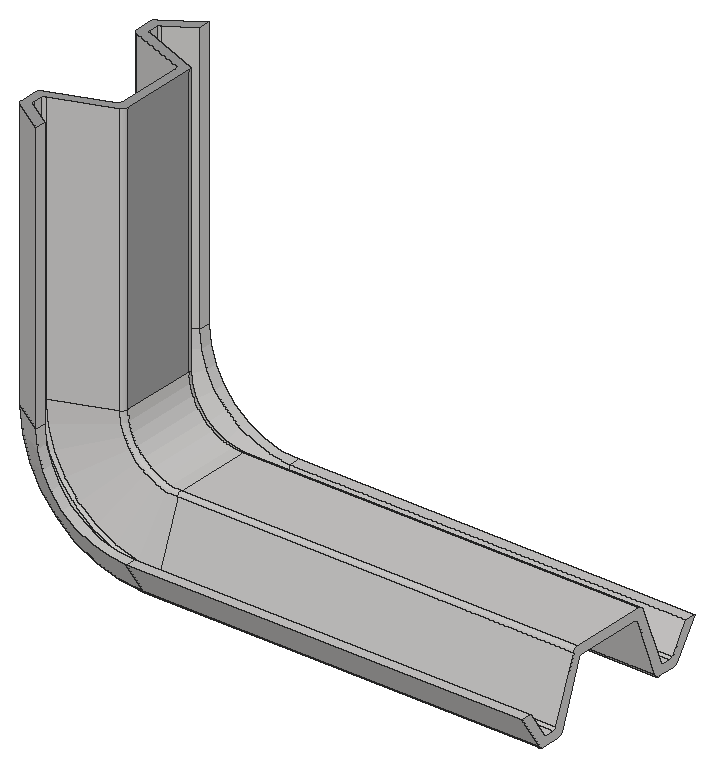
Revit family "E_Cable Tray Support_MEPcontent_OBO Bettermann_Bracket TPSA FS", category Cable Tray Fittings, Revit 2015
Parameters (values of type "TPSA 145 FS")
  Wholesaler Art. No. = ""
  Wholesaler = ""
  Watermarked By = "www.stabiplan.com"
  Width 1 = 145.00 mm
  Width = Width 1  # 145 mm
  URL = "www.stabiplan.com"
  Tray Height [instance] = 60.00 mm
  built-in parameter 1140111 [instance] = 2.50 mm  # 0.0082021 (stored number, unit not read)
  Stabu Code = ""
  Revit Version = "2015"  # constant formula
  MEPcontent Class = "CABLE_TRAY_SUPPORT"  # constant formula
  Internal Art. No. = ""
  IFCExportType = "NOTDEFINED"  # constant formula
  IFCExportAs = "IfcCableCarrierFittingType"  # constant formula
  Function Code [instance] = ""
  Family Version = "10.14"  # constant formula
  ETIM Article Class = "EC000022"  # constant formula
  EMCS Version = "2.0"  # constant formula
  Copyright = "© Stabiplan International BV"  # constant formula
  Content Supplier URL = ""
  CB-NL Class = ""
  Article Type = if(and(Width = 145.00 mm, Height = 120.00 mm), "TPSA 145 FS ", if(and(Width = 195.00 mm, Height = 120.00 mm), "TPSA 195 FS ", if(and(Width = 245.00 mm, Height = 120.00 mm), "TPSA 245 FS", if(and(Width = 345.00 mm, Height = 120.00 mm), "TPSA 345 FS ", "Unknown"))))  # "TPSA 145 FS "
  Product Line = "OBO BETTERMANN CableTrays"  # constant formula
  Model = if(and(Width = 145.00 mm, Height = 120.00 mm), "TPSA 145 FS ", if(and(Width = 195.00 mm, Height = 120.00 mm), "TPSA 195 FS ", if(and(Width = 245.00 mm, Height = 120.00 mm), "TPSA 245 FS", if(and(Width = 345.00 mm, Height = 120.00 mm), "TPSA 345 FS ", "Unknown"))))  # "TPSA 145 FS "
  Manufacturer = "OBO BETTERMANN"  # constant formula
  Custom [instance] = if(and(Width = 145.00 mm, Height = 120.00 mm), 1 = 0, if(and(Width = 195.00 mm, Height = 120.00 mm), 1 = 0, if(and(Width = 245.00 mm, Height = 120.00 mm), 1 = 0, if(and(Width = 345.00 mm, Height = 120.00 mm), 1 = 0, 1 = 1))))  # no
  Half Tray Height [instance] = Tray Height / 2  # 30.00 mm
  Height 1 = 120.00 mm  # constant formula
  Height = Height 1  # 120 mm
  GTIN = if(and(Width = 145.00 mm, Height = 120.00 mm), "4012196198979", if(and(Width = 195.00 mm, Height = 120.00 mm), "4012196199037", if(and(Width = 245.00 mm, Height = 120.00 mm), "4012196199099", if(and(Width = 345.00 mm, Height = 120.00 mm), "4012196199273", "Unknown"))))  # "4012196198979"
  Description = "Wall and Ceiling Bracket"
  Depth = 60.00 mm  # constant formula
  Manufacturer URL = "http://catalog4.obo-bettermann.com/catalogue/catalogue.do?forward=showProductGroup&act=showIO&favOid=kts_13558&action=showManyProducts&lang=nl&OID=kts_13558&catId="
  Gray = Color RGB 189-187-185
  Manufacturer Art. No. = if(and(Width = 145.00 mm, Height = 120.00 mm), "6364101", if(and(Width = 195.00 mm, Height = 120.00 mm), "6364152", if(and(Width = 245.00 mm, Height = 120.00 mm), "6364209", if(and(Width = 345.00 mm, Height = 120.00 mm), "6364306 ", "Unknown"))))  # "6364101"
  Article Description = "Wall and Ceiling Bracket"
Types (4, lengths in mm): name | Width 1 | Width | Tray Height | Article Type | Model | Half Tray Height | GTIN | Manufacturer Art. No.
  TPSA 145 FS | 145.00 | 145 | 60.00 | "TPSA 145 FS " | "TPSA 145 FS " | 30.00 | "4012196198979" | "6364101"
  TPSA 245 FS | 245.00 | 245 | 150.00 | "TPSA 245 FS" | "TPSA 245 FS" | 75.00 | "4012196199099" | "6364209"
  TPSA 345 FS | 345.00 | 345 | 110.00 | "TPSA 345 FS " | "TPSA 345 FS " | 55.00 | "4012196199273" | "6364306 "
  TPSA 195 FS | 195.00 | 195 | 60.00 | "TPSA 195 FS " | "TPSA 195 FS " | 30.00 | "4012196199037" | "6364152"
Reference planes
  plane 1 "Center (Front/Back)": y = 0
  plane 2: z = 0
  plane 3 "Center (Left/Right)": x = 0
  plane 4: z = 70
  plane 5: z = -50
  plane 6: y = 30
  plane 7: y = -30
  plane 8: x = 52.5
  plane 9: x = -72.5
  plane 10: x = 47.5
  plane 11: x = 72.5
  plane 12: z = 50
  plane 13: x = -52.5
  plane 14: z = -30
  plane 15: z = 60
  plane 16: x = -62.5
  plane 17: z = -40
  plane 18: y = -10
  plane 19: y = 10
  plane 20: y = -23.34
  plane 21: y = -16.67
  plane 22: y = 23.34
  plane 23: y = 16.67
  plane 24: y = 12.5
  plane 25: y = -12.5
Forms (mm)
  Sweep 1, solid, material "Color RGB 189-187-185" <- "Gray", detail levels medium+fine
    path origin (0, 0, 0) x (1, 0, 0) y (0, 0, 1)
      loop
        line (72.5, -30) -> (-37.5, -30)
        arc (-37.5, -30) -> (-55.178, -22.678) -> (-62.5, -5) r 25
        line (-62.5, -5) -> (-62.5, 70)
    profile origin (17.5, 0, -30) x (0, 0, -1) y (0, -1, 0)
      loop
        line (0, -26.996) -> (0, -30) -> (9.331, -23.785)
        arc (9.331, -23.785) -> (9.822, -23.245) -> (10, -22.537) r 1.5
        line (10, -22.537) -> (10, -17.704)
        arc (10, -17.704) -> (9.735, -16.852) -> (9.034, -16.302) r 1.5
        line (9.034, -16.302) -> (-6.856, -10.245)
        arc (-6.856, -10.245) -> (-7.323, -9.878) -> (-7.5, -9.311) r 1
        line (-7.5, -9.311) -> (-7.5, 9.311)
        arc (-7.5, 9.311) -> (-7.323, 9.878) -> (-6.856, 10.245) r 1
        line (-6.856, 10.245) -> (9.034, 16.302)
        arc (9.034, 16.302) -> (9.735, 16.852) -> (10, 17.704) r 1.5
        line (10, 17.704) -> (10, 22.537)
        arc (10, 22.537) -> (9.822, 23.245) -> (9.331, 23.785) r 1.5
        line (9.331, 23.785) -> (0, 30) -> (0, 26.996) -> (7.054, 22.298)
        arc (7.054, 22.298) -> (7.382, 21.938) -> (7.5, 21.466) r 1
        line (7.5, 21.466) -> (7.5, 19.082)
        arc (7.5, 19.082) -> (7.323, 18.514) -> (6.856, 18.147) r 1
        line (6.856, 18.147) -> (-9.034, 12.091)
        arc (-9.034, 12.091) -> (-9.735, 11.54) -> (-10, 10.689) r 1.5
        line (-10, 10.689) -> (-10, -10.689)
        arc (-10, -10.689) -> (-9.735, -11.54) -> (-9.034, -12.091) r 1.5
        line (-9.034, -12.091) -> (6.856, -18.147)
        arc (6.856, -18.147) -> (7.323, -18.514) -> (7.5, -19.082) r 1
        line (7.5, -19.082) -> (7.5, -21.466)
        arc (7.5, -21.466) -> (7.382, -21.938) -> (7.054, -22.298) r 1
        line (7.054, -22.298) -> (0, -26.996)
Lines and regions (mm)
  model lines, style "Fittings", detail levels coarse
    curve 1: line (72.5, 0, -40) -> (-62.5, 0, -40)
    curve 2: line (-62.5, 0, 70) -> (-62.5, 0, -40)
Dimensions and locks
  equal spacing: plane 6, plane 1 "Center (Front/Back)", plane 7
  "Depth": plane 6 to plane 7
  "Height": plane 4 to plane 5
  locked: plane 9 to plane 10 at 120
  equal spacing: plane 9, plane 3 "Center (Left/Right)", plane 11
  "Width": plane 9 to plane 11
  locked: plane 4 to plane 12 at 20
  locked: plane 9 to plane 13 at 20
  locked: plane 14 to plane 5 at 20
  equal spacing: plane 4, plane 15, plane 12
  equal spacing: plane 9, plane 16, plane 13
  equal spacing: plane 14, plane 17, plane 5
  equal spacing: plane 18, profile plane, plane 19
  locked: plane 18 to plane 19 at 20
  locked: plane 21 to plane 18 at 6.67
  equal spacing: plane 20, plane 21, plane 18
  plane 20 to plane 21 = 6.67 mm
  plane 22 to plane 23 = 6.67 mm
  equal spacing: plane 19, plane 23, plane 22
  plane 19 to plane 23 = 6.67 mm
  "Half Tray Height": level to plane 14
  radius of Sweep 1 sketch curve = 1.50 mm  (x7)
  radius of Sweep 1 sketch curve = 1.00 mm  (x6)
  radius of Sweep 1 sketch curve = 25.00 mm
  aligned and locked: level to plane 2
  aligned and locked: plane 17 to curve 2
  aligned and locked: plane 16 to curve 1
  aligned and locked: plane 11 to curve 1
  aligned and locked: plane 4 to Sweep 1 sketch curve
  aligned and locked: plane 16 to Sweep 1 sketch curve
  aligned and locked: plane 4 to curve 2
Automatic sketch dimensions
  Sweep 1 sketch curve to plane 14 = 0.00 mm
  Sweep 1 sketch curve to plane 11 = 0.00 mm
  Sweep 1 sketch curve to profile plane = 0.00 mm  (x2)
  plane 19 to Sweep 1 sketch curve = 0.689 mm
  profile plane to Sweep 1 sketch curve = 6.50 mm
  Sweep 1 sketch curve to plane 19 = 0.245 mm
  Sweep 1 sketch curve to plane 18 = 0.245 mm
  Sweep 1 sketch curve to Sweep 1 sketch curve = 0.356 mm
  Sweep 1 sketch curve to plane 19 = 0.689 mm
  Sweep 1 sketch curve to Sweep 1 sketch curve = 1.644 mm  (x2)
  Sweep 1 sketch curve to plane 24 = 0.409 mm
  Sweep 1 sketch curve to plane 25 = 0.409 mm
  Sweep 1 sketch curve to Sweep 1 sketch curve = 0.534 mm  (x3)
  Sweep 1 sketch curve to plane 21 = 2.412 mm
  Sweep 1 sketch curve to profile plane = 6.50 mm  (x2)
  Sweep 1 sketch curve to plane 23 = 2.412 mm
  Sweep 1 sketch curve to plane 23 = 1.477 mm
  Sweep 1 sketch curve to plane 21 = 1.477 mm
  plane 22 to Sweep 1 sketch curve = 1.042 mm
  Sweep 1 sketch curve to Sweep 1 sketch curve = 0.446 mm  (x2)
  plane 20 to Sweep 1 sketch curve = 1.042 mm
  Sweep 1 sketch curve to Sweep 1 sketch curve = 1.446 mm
  plane 21 to Sweep 1 sketch curve = 0.368 mm
  plane 23 to Sweep 1 sketch curve = 0.368 mm
  Sweep 1 sketch curve to plane 22 = 0.445 mm
  Sweep 1 sketch curve to Sweep 1 sketch curve = 0.669 mm  (x2)
  Sweep 1 sketch curve to plane 20 = 0.445 mm
  Sweep 1 sketch curve to plane 22 = 3.656 mm
  Sweep 1 sketch curve to Sweep 1 sketch curve = 3.004 mm  (x2)
  Sweep 1 sketch curve to plane 20 = 3.656 mm
